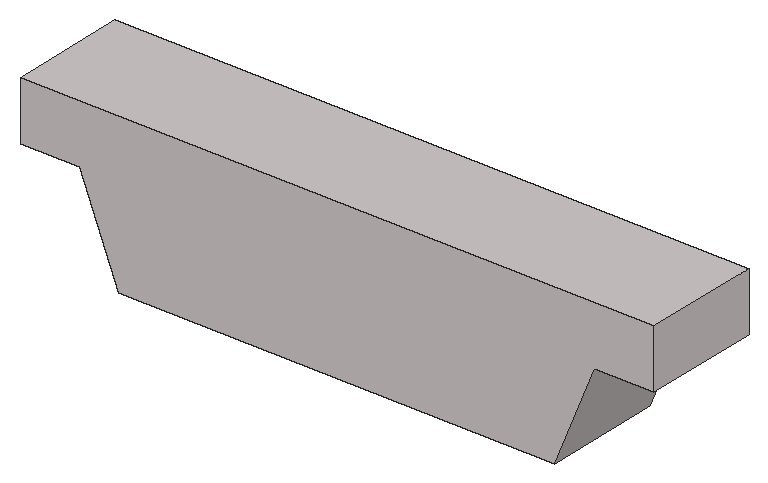
Revit family "M_Viga retangular pré-moldada com corte inclinado na extremidade", category Quadro estrutural, Revit 2019
Family settings
  Exibir em vistas ocultas = Arestas ocultadas por outros membros
  Arredondamento do comprimento do framing estrutural = 0.0 mm
  Forma do corte = Não definido
  Material para o comportamento do modelo = Concreto pré-moldado
  Exportar sempre como geometria = Não
  Número OmniClass = 23.25.30.11.14.14
  Título OmniClass = Beams
  ID de item do Seek = Precast-Rectangular Beam with Sloped Cut End-0000-CAN-ENU
  Sempre na vertical = Sim
  Corte com vazios quando carregada = Não
  Representação simbólica = Da família
  Compartilhado = Não
  Exibir o pré-corte da família na vista da planta = Sim
Parameters (values of type "300x400-Corte dos dois lados")
  Largura = 300.0 mm
  Peso da vara de tirante [instance] = 30
  Vara de tirante W [instance] = (Peso da vara de tirante) * 9.80 kN / 1000  # 0.294 kN
  Structural Material [instance] = Concreto - Moldado in loco - 35 MPa
  Peso do vergalhão simples [instance] = 50
  Vergalhão em W simples [instance] = (Peso do vergalhão simples * 9.80 kN) / 1000  # 0.49 kN
  Peso das grades de vergalhão [instance] = 100
  Grades de vergalhão W [instance] = (Peso das grades de vergalhão * 9.80 kN) / 1000  # 0.98 kN
  Comprimento do deslocamento 2 = 100.0 mm
  Comprimento do deslocamento 1 = 100.0 mm
  Profundidade do corte [instance] = 250.0 mm
  Extensão 2 [instance] = 150.0 mm
  Extensão 1 [instance] = 150.0 mm
  Linear = 400.0 mm
  Assembly Code = ""
  Length [instance] = 1500.0 mm
Types (3, lengths in mm): name | Comprimento do deslocamento 1
  (no name) | 100.0
  300x400-Corte dos dois lados | 100.0
  300x400-Corte em um lado | 90.0
Reference planes
  plane 1 "Centro (Frente/Trás)": y = 0
  plane 2: z = 0
  plane 3 "Centro (Esquerda/Direita)": x = 0
  plane 4 "Membro esquerdo": x = -654.019
  plane 5 "Membro direito": x = 654.019
  plane 6 "Esquerda": x = -754.019
  plane 7 "Direita": x = 745.981
  plane 8: z = 50
  plane 9: z = 200
  plane 10: x = -804.019
  plane 11: y = -150
  plane 12: y = 150
  plane 13: x = 804.019
  plane 14: z = -200
  plane 15: x = -554.019
  plane 16: x = 554.019
Forms (mm)
  Sweep 1, solid, material "Concreto - Moldado in loco - 35 MPa" <- "Structural Material"
    path origin (0, 374, 0) x (1, 0, 0) y (0, 1, 0)
      loop
        line (-804.019, -374) -> (804.019, -374)
    profile origin (0, 0, 0) x (0, 1, 0) y (0, 0, 1)
      loop
        line (-150, -200) -> (150, -200) -> (150, 200) -> (-150, 200) -> (-150, -200)
  Extrusion 2, void
    sketch origin (0, 0, 0) x (1, 0, 0) y (0, 0, 1)
      loop
        line (-554.019, -200) -> (-654.019, 50) -> (-804.019, 50) -> (-804.019, -200) -> (-554.019, -200)
    from -150 to 150
  Extrusion 3, void
    sketch origin (0, 0, 0) x (1, 0, 0) y (0, 0, 1)
      loop
        line (809.019, -200) -> (809.019, 50) -> (654.019, 50) -> (554.019, -200) -> (809.019, -200)
    from -150 to 150
Cuts and joins
  Extrusion 2, Extrusion 3 cuts Sweep 1
Dimensions and locks
  "Length": plane 6 "Esquerda" to plane 7 "Direita"
  locked: level to plane 2 at 0
  equal spacing: plane 12, plane 1 "Centro (Frente/Trás)", plane 11
  "Largura": plane 12 to plane 11
  equal spacing: plane 9, plane 2, plane 14
  "Linear": plane 9 to plane 14
  "Profundidade do corte": plane 8 to plane 14
  locked: Extrusion 3 sketch curve to plane 13 at 5
  "Extensão 1": plane 10 to plane 4 "Membro esquerdo"
  "Extensão 2": plane 5 "Membro direito" to plane 13
  "Comprimento do deslocamento 1": plane 4 "Membro esquerdo" to plane 15
  "Comprimento do deslocamento 2": plane 5 "Membro direito" to plane 16
  aligned and locked: plane 10 to Sweep 1 sketch curve
  aligned and locked: plane 1 "Centro (Frente/Trás)" to Sweep 1 sketch curve
  aligned and locked: plane 13 to Sweep 1 sketch curve
  aligned and locked: Sweep 1 sketch curve to plane 11
  aligned and locked: Sweep 1 sketch curve to plane 9
  aligned and locked: plane 12 to Sweep 1 sketch curve
  aligned and locked: plane 14 to Sweep 1 sketch curve
  aligned and locked: plane 14 to Extrusion 2 sketch curve
  aligned and locked: plane 8 to Extrusion 2 sketch curve  (x2)
  aligned and locked: plane 10 to Extrusion 2 sketch curve
  aligned and locked: Sweep 1 to Extrusion 2
  aligned and locked: Extrusion 2 to Sweep 1
  aligned and locked: plane 14 to Extrusion 3 sketch curve
  aligned and locked: Extrusion 3 to Sweep 1
  aligned and locked: Sweep 1 to Extrusion 3
  aligned and locked: plane 15 to Extrusion 2 sketch curve
  aligned and locked: plane 16 to Extrusion 3 sketch curve
  aligned and locked: plane 4 "Membro esquerdo" to Extrusion 2 sketch curve
  aligned and locked: plane 5 "Membro direito" to Extrusion 3 sketch curve
  aligned and locked: plane 8 to Extrusion 3 sketch curve
